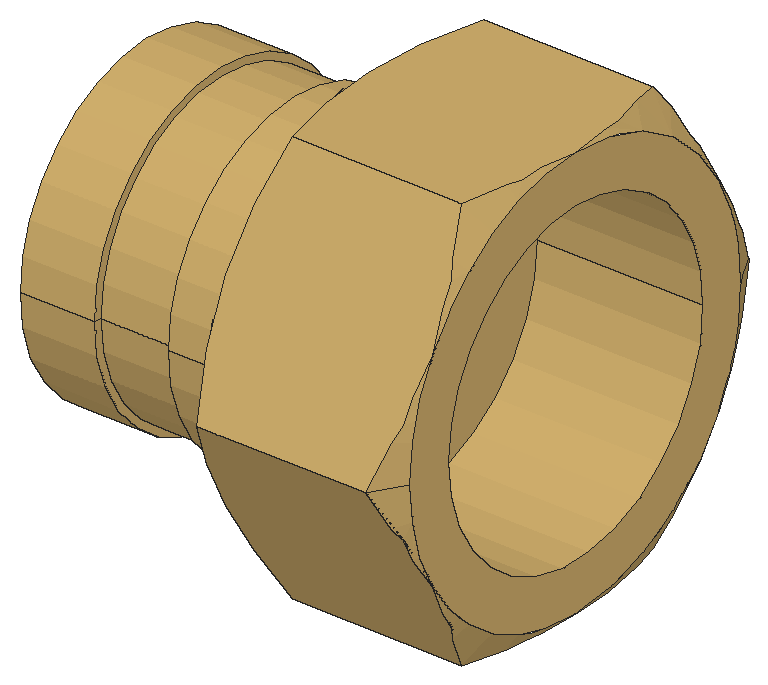
Revit family "UPEX_Conector_FemMov", category Pipe Fittings, Revit 2025
Family settings
  Round Connector Dimension = Use Radius
  Part Type = Cap
  OmniClass Number = 23.60.30.11.14
  OmniClass Title = Pipework Fittings
  Work Plane-Based = No
  Always vertical = Yes
  Cut with Voids When Loaded = No
  Shared = No
Parameters
  URL = "https://www.ultrapex.com.br/_files/ugd/9f3173_32d47a29bbff48b5af4781a5d529eee8.pdf"
  ULTRAPEX: Versão = "01"  # constant formula
  ULTRAPEX: Norma Técnica = "NBR 15939"  # constant formula
  ULTRAPEX: Descrição [instance] = size_lookup(LookupTable, "DES", "Produto Inexistente", DN1, DN2)  # "Conector Móvel Fêmea 16x1/2\" - ULTRAPEX"
  ULTRAPEX: Código [instance] = size_lookup(LookupTable, "COD", 0, DN1, DN2)  # 9011612
  Type Image = Conector Móvel Fêmea.jpg
  RN2 [instance] = 10 mm
  RN1 [instance] = 8 mm
  Material = Latão - Ultrapex
  LookupTable = "Conector Móvel Fêmea - ULTRAPEX"
  Lado Conector [instance] = 2 * ((Cota A / 2) * cos(60.00°))  # 15.05 mm
  IfcExportAs = "IfcPipeFittingType.CONNECTOR"  # constant formula
  Manufacturer = "UltraPEX"  # constant formula
  Default Elevation = 0.0 mm
  Description = "Conector Fêmea Móvel - ULTRAPEX"
  DN3 [instance] = ((Cota A / 2) * sin(60.00°))  # 13.034 mm
  DN2 Nominal [instance] = RN2 * 2  # 20 mm
  DN2 [instance] = if(DN2 Nominal = 20 mm, 20.1 mm, if(DN2 Nominal = 25 mm, 26.4 mm, if(DN2 Nominal = 32 mm, 33.4 mm, 20 mm)))  # 20.1 mm
  DN1 [instance] = RN1 * 2  # 16 mm
  Cota C [instance] = size_lookup(LookupTable, "C", 10.5 mm, DN1, DN2) + 2.5 mm  # 13.0 mm
  Cota A [instance] = size_lookup(LookupTable, "A", 26.2 mm, DN1, DN2)  # 30.1 mm
Reference planes
  plane 1 "Centro (Frente/Trás)": y = 0
  plane 2: z = 0.458
  plane 3 "Centro (Esquerda/Direita)": x = 0
  plane 4: x = 13
Forms (mm)
  Extrusion 1, solid, material "Latão - Ultrapex" <- "Material", detail levels fine
    sketch origin (0, 0.938, 0) x (0, 1, 0) y (0, 0, 1)
      loop
        line (6.588, -12.576) -> (14.113, 0.458) -> (6.588, 13.491) -> (-8.463, 13.491) -> (-15.988, 0.458) -> (-8.462, -12.576) -> (6.588, -12.576)
    from 0 to 13 <- "Cota C"
  Extrusion 2, void
    sketch origin (0, 0, 0) x (0, 1, 0) y (0, 0, 1)
      loop
        circle (0, 0.458) r 10.05
    from 13 <- "Cota C" to 2.5
  Sweep 3, void
    path origin (0, 0.938, 0) x (0, 1, 0) y (0, 0, 1)
      loop
        circle (-0.938, 0.458) r 13.034
    profile origin (0, 0, 13.491) x (0, 0, -1) y (1, 0, 0)
      loop
        line (2.015, -1.163) -> (-3.651, 2.108) -> (-3.651, -1.163) -> (2.015, -1.163)
  Sweep 4, void
    path origin (13, -21.15, 4000.458) x (0, -1, 0) y (0, 0, 1)
      loop
        circle (-21.15, -4000) r 13.034
    profile origin (13, 0, -12.576) x (0, 0, -1) y (-1, 0, 0)
      loop
        line (-2.015, -1.163) -> (3.651, -1.163) -> (3.651, 2.108) -> (-2.015, -1.163)
Cuts and joins
  Extrusion 2, Sweep 3, Sweep 4 cuts Extrusion 1
Lines and regions (mm)
  model lines, detail levels coarse+medium
    curve 1: line (0, 0, 0.458) -> (10.3, 0, 0.458)
Dimensions and locks
  equal spacing: Extrusion 1 sketch curve, plane 2, Extrusion 1 sketch curve
  "Lado Conector": Extrusion 1 sketch curve to Extrusion 1 sketch curve  (x5)
  Extrusion 1 sketch curve to Extrusion 1 sketch curve = 15.05 mm
  "Cota C": plane 3 "Centro (Esquerda/Direita)" to plane 4
  equal spacing: Extrusion 1 sketch curve, plane 1 "Centro (Frente/Trás)", Extrusion 1 sketch curve
  "DN2": diameter of Extrusion 2 sketch curve
  "DN3": radius of Sweep 3 sketch curve
  "DN3": radius of Sweep 4 sketch curve
  locked: Extrusion 1 sketch curve to Extrusion 1 sketch curve (angle 120.00°)  (x4)
  angle Extrusion 1 sketch curve to Extrusion 1 sketch curve = 120.00°
  aligned and locked: plane 2 to level
  aligned and locked: plane 3 "Centro (Esquerda/Direita)" to nested 1
Automatic sketch dimensions
  plane 1 "Centro (Frente/Trás)" to curve 1 = 0.0 mm
  curve 1 to plane 3 "Centro (Esquerda/Direita)" = 0.0 mm
  plane 4 to curve 1 = 2.7 mm
  profile plane to Sweep 3 sketch curve = 3.651 mm
  Sweep 3 sketch curve to profile plane = 2.015 mm
  Sweep 3 sketch curve to profile plane = 1.163 mm
  profile plane to Sweep 3 sketch curve = 2.108 mm
  profile plane to Sweep 4 sketch curve = 2.015 mm
  Sweep 4 sketch curve to plane 4 = 1.163 mm
  Sweep 4 sketch curve to profile plane = 3.651 mm
  plane 4 to Sweep 4 sketch curve = 2.108 mm
  Extrusion 2 sketch curve to level = 0.0 mm
  Extrusion 2 sketch curve to plane 1 "Centro (Frente/Trás)" = 0.0 mm
  Sweep 3 sketch curve to level = 0.0 mm
  Sweep 3 sketch curve to plane 1 "Centro (Frente/Trás)" = 0.0 mm
  Sweep 4 sketch curve to level = 0.0 mm
  Sweep 4 sketch curve to plane 1 "Centro (Frente/Trás)" = 0.0 mm
Nested families
  nested 1: "Anel Deslizante - ULTRAPEX" at (0, 0, 0.458) x (0, 1, 0) z (0, 0, 1), Diâmetro Nominal <- "DN1", type "Anel Deslizante - ULTRAPEX"
    with ULTRAPEX: Descrição "Anel Deslizante 16 mm - ULTRAPEX", ULTRAPEX: Código 9040016, Diâmetro Nominal 16 mm, DN 16.0 mm, Cota C 4.667 mm, Cota B 14.0 mm, Cota A 20.0 mm
Connectors
  piping at (0, 0, 0.458), diameter 16, driven by "RN1"
    settings: on nested 1, index 1, connector inside diameter 609.6 mm, connector length 0.0 mm, flow factor 0, pipe flow 0.0 L/s, pressure drop 0.0 Pa, fitting loss kfactor 0, connector angle 0.00°, fixture units 0, engagement length 0.0 mm, angle of deflection 0.00°, flow configuration 0, flow direction 0, fitting loss method 0, system type 28, joint type 0, gender type 0, connector reference index -1, connector utility 0, adjustable connector no, is connector primary yes, connector description ""
  piping at (2.5, 0, 0.458), diameter 20, driven by "RN2"
    settings: on cut or joined group of Extrusion 1, Extrusion 2, Sweep 3, Sweep 4, index 2, connector inside diameter 609.6 mm, connector length 0.0 mm, flow factor 0, pipe flow 0.0 L/s, pressure drop 0.0 Pa, fitting loss kfactor 0, connector angle 0.00°, fixture units 0, engagement length 0.0 mm, angle of deflection 0.00°, flow configuration 0, flow direction 0, fitting loss method 0, system type 28, joint type 0, gender type 0, connector reference index -1, connector utility 0, adjustable connector no, is connector primary no, connector description ""
Definition of nested family "Anel Deslizante - ULTRAPEX"
  Parameters (values of type "ANEL DESLIZANTE 16mm")
    URL = "https://www.ultrapex.com.br/_files/ugd/9f3173_32d47a29bbff48b5af4781a5d529eee8.pdf"
    ULTRAPEX: Versão = "00"  # constant formula
    ULTRAPEX: Norma Técnica = "NBR 15939"  # constant formula
    ULTRAPEX: Descrição [instance] = size_lookup(LookupTable, "DES", "Produto Inexistente", Diâmetro Nominal)  # "Anel Deslizante 16 mm - ULTRAPEX"
    ULTRAPEX: Código [instance] = size_lookup(LookupTable, "COD", 0, Diâmetro Nominal)  # 9040016
    Type Image = element 358895
    Material = none
    LookupTable = "Anel Deslizante - ULTRAPEX"  # constant formula
    IfcExportAs = "IfcPipeFittingType.CONNECTOR"  # constant formula
    Manufacturer = "UltraPEX"  # constant formula
    Default Elevation = 0.0 mm
    Diâmetro Nominal [instance] = 16 mm
    Description = "Anel Deslizante - ULTRAPEX"
    DN [instance] = size_lookup(LookupTable, "DN", 16.0 mm, Diâmetro Nominal)  # 16.0 mm
    Cota C [instance] = Cota B / 3  # 4.667 mm
    Cota B [instance] = size_lookup(LookupTable, "B", 14.0 mm, Diâmetro Nominal)  # 14.0 mm
    Cota A [instance] = size_lookup(LookupTable, "A", 20.0 mm, Diâmetro Nominal)  # 20.0 mm
  Reference planes
    plane 1 "Centro (Frente/Trás)": y = 0
    plane 2: z = 0
    plane 3 "Centro (Esquerda/Direita)": x = 0
    plane 4: x = 8
    plane 5: x = -8
    plane 6: x = -10
    plane 7: x = 10
    plane 8: y = 14
  Forms (mm)
    Revolve 1, solid, material <- "Material", detail levels fine
      sketch origin (0, 0, 0) x (1, 0, 0) y (0, 1, 0)
        loop
          line (10, 0) -> (10, 14) -> (8, 14) -> (8, 0) -> (10, 0)
        axis (0, 0) -> (0, 14)
      angle from 0 to 360
    Revolve 2, void
      sketch origin (0, 0, 0) x (1, 0, 0) y (0, 1, 0)
        loop
          line (-10.952, 9.333) -> (-10.952, 4.667) -> (-9.524, 4.667) -> (-9.524, 9.333) -> (-10.952, 9.333)
        axis (0, 4.667) -> (0, 9.333)
      angle from 0 to 360
  Cuts and joins
    Revolve 2 cuts Revolve 1
  Lines and regions (mm)
    model lines, detail levels coarse+medium
      curve 1: line (0, 0, 0) -> (0, 14, 0)
  Dimensions and locks
    "DN": plane 5 to plane 4
    "Cota A": plane 6 to plane 7
    equal spacing: plane 6, plane 3 "Centro (Esquerda/Direita)", plane 7
    equal spacing: plane 5, plane 3 "Centro (Esquerda/Direita)", plane 4
    "Cota B": plane 1 "Centro (Frente/Trás)" to plane 8
    "Cota C": Revolve 2 sketch curve to plane 8
    "Cota C": plane 1 "Centro (Frente/Trás)" to Revolve 2 sketch curve
    locked: plane 6 to Revolve 2 sketch curve at 0.476
    locked: Revolve 2 sketch curve to Revolve 2 sketch curve at 1.428
    aligned and locked: level to plane 2
    aligned and locked: plane 3 "Centro (Esquerda/Direita)" to Revolve 1 sketch curve
    aligned and locked: Revolve 1 sketch curve to plane 7
    aligned and locked: plane 4 to Revolve 1 sketch curve
    aligned and locked: plane 1 "Centro (Frente/Trás)" to Revolve 1 sketch curve
    aligned and locked: plane 8 to Revolve 1 sketch curve
    aligned and locked: plane 8 to curve 1
    aligned and locked: plane 1 "Centro (Frente/Trás)" to curve 1
  Automatic sketch dimensions
    plane 1 "Centro (Frente/Trás)" to Revolve 1 sketch curve = 0.0 mm
    Revolve 1 sketch curve to Revolve 1 sketch curve = 0.0 mm
    curve 1 to plane 3 "Centro (Esquerda/Direita)" = 0.0 mm
    Revolve 2 sketch curve to plane 3 "Centro (Esquerda/Direita)" = 0.0 mm
    plane 1 "Centro (Frente/Trás)" to Revolve 2 sketch curve = 0.0 mm
    plane 8 to Revolve 2 sketch curve = 2.253 mm
